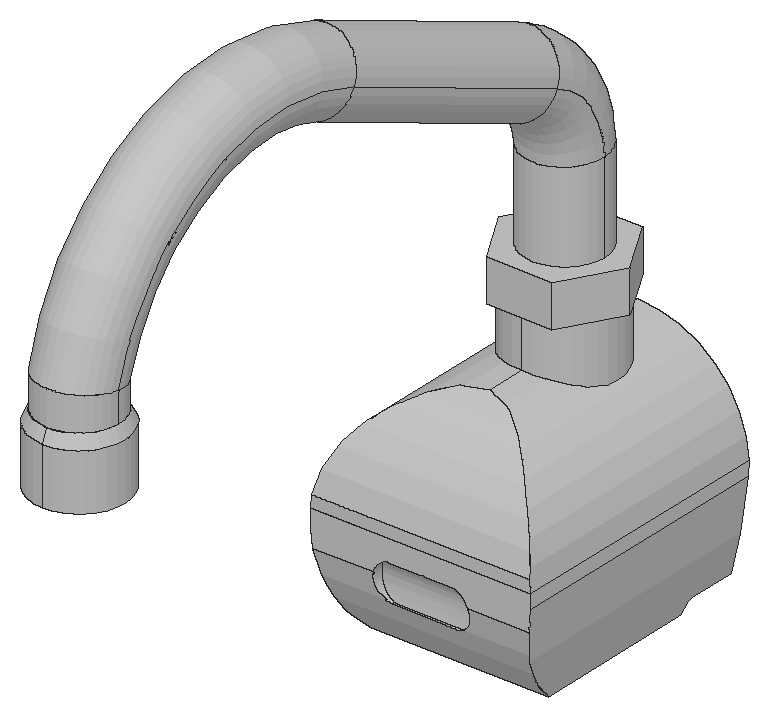
Revit family "16-192", category Specialty Equipment, Revit 2018
Family settings
  Round Connector Dimension = Use Diameter
  Part Type = Normal
  OmniClass Number = 23.45.05.14
  OmniClass Title = Plumbing Fixtures - Sanitary Washing Units
  Work Plane-Based = No
  Always vertical = Yes
  Cut with Voids When Loaded = No
  Shared = No
  Room Calculation Point = No
Parameters
  URL Cutsheet = ""
  Serial Number = ""
  Plumbing Remarks = ""
  Plumbing Connection Type = ""
  Model = "16-192"
  Masterspec = ""
  Manufacturer = "Krowne Metal"
  Item Number = ""
  Inlet Size = 1/2"
  Hot Water Size = 1/2"
  Hot Water RI Height = 0"
  Hot Water Flow = 2.2 GPM
  Hot Water Connection Height = 0"
  Foodservice Equipment Identifier = yes
  Description = "Single Hole Wall Mount with 6\" Swing Spout"
  Cold Water Size = 1/2"
  Cold Water RI Height = 0"
  Cold Water Flow = 2.2 GPM
  Cold Water Connection Height = 0"
  Assembly Code = "D2010400"
Reference planes (in)
  plane 1 "Center (Front/Back)": y = 0
  plane 2: z = 0
  plane 3 "Center (Left/Right)": x = 0
  plane 4: y = 8.24616
  plane 5: y = -2.7381
  plane 6: y = -0.05109
  plane 7: y = -0.9579
  plane 8: y = -6.9579
  plane 9: z = 1.63576
  plane 10: z = 6.63576
  plane 11: z = 3.63576
Forms (in)
  Extrusion 1, solid, material "Metal_Finishes_Stainless Steel"
    sketch origin (0, 0, 0) x (0, 1, 0) y (0, 0, 1)
      loop
        line (-2.7381, 0) -> (-0.05109, 0) -> (-0.05109, 1.20089) -> (-2.7381, 1.20089) -> (-2.7381, 0)
    from -1.08719 to 1.09162
  Extrusion 2, solid, material "Metal_Finishes_Stainless Steel"
    sketch origin (0, 0, 1.28946) x (0, 1, 0) y (0, 0, 1)
      loop
        line (-2.7381, -0.08857) -> (-0.05109, -0.08857) -> (-0.05109, 0.96897) -> (-2.7381, 0.96897) -> (-2.7381, -0.08857)
    from -1.08719 to 1.09162
  Extrusion 3, void
    sketch origin (0, 0, 0) x (1, 0, 0) y (0, 0, 1)
      loop
        line (-1.10165, 1.18572) -> (-1.10165, 0) -> (-0.87117, 0)
        arc (-0.87117, 0) -> (-1.02443, 0.58547) -> (-1.10165, 1.18572) r 4.72766
      loop
        arc (1.10165, 1.18572) -> (1.02443, 0.58547) -> (0.87117, 0) r 4.72766
        line (0.87117, 0) -> (1.10165, 0) -> (1.10165, 1.18572)
    from 0 to 2.93413
  Extrusion 4, void
    sketch origin (0, 0, 0) x (1, 0, 0) y (0, 0, 1)
      loop
        arc (-1.08719, 1.20089) -> (-0.76642, 1.95658) -> (0, 2.25078) r 1.05053
        arc (0, 2.25078) -> (0.75835, 1.94682) -> (1.09162, 1.20089) r 1.08851
        line (1.09162, 1.20089) -> (1.09162, 2.28304) -> (-1.08719, 2.28304) -> (-1.08719, 1.20089)
    from 0 to 2.7381
  Extrusion 5, void
    sketch origin (0, 0, 0) x (0, 1, 0) y (0, 0, 1)
      loop
        line (-1.57438, 2.29955) -> (-2.94885, 2.29955) -> (-2.94885, -0.06265) -> (-2.16145, -0.06265)
        arc (-2.16145, -0.06265) -> (-2.54652, 0.33055) -> (-2.7381, 0.84649) r 1.32183
        line (-2.7381, 0.84649) -> (-2.7381, 1.32021)
        arc (-2.7381, 1.32021) -> (-2.32524, 2.0107) -> (-1.57438, 2.29955) r 1.23295
    from -1.68293 to 9.84252
  Extrusion 6, void
    sketch origin (0, 0, 0) x (0, 1, 0) y (0, 0, 1)
      loop
        line (-0.02303, 0.14066) -> (-0.5138, 0.14066)
        arc (-0.5138, 0.14066) -> (-0.58334, 0.08583) -> (-0.60515, 0) r 0.13779
        line (-0.60515, 0) -> (-0.60515, -0.04154) -> (-0.02303, -0.04154) -> (-0.02303, 0.14066)
    from -1.33387 to 1.36534
  Extrusion 7, solid, material "Metal_Finishes_Stainless Steel"
    sketch origin (0, 0, 0) x (1, 0, 0) y (0, 0, 1)
      loop
        arc (0.3937, 0.20434) -> (0.63851, 0.70363) -> (0.72269, 1.2533) r 1.83678
        arc (0.72269, 1.2533) -> (0.51102, 1.76432) -> (0, 1.97599) r 0.72269
        arc (0, 1.97599) -> (-0.51102, 1.76432) -> (-0.72269, 1.2533) r 0.72269
        arc (-0.72269, 1.2533) -> (-0.63851, 0.70363) -> (-0.3937, 0.20434) r 1.83678
        line (-0.3937, 0.20434) -> (0, 0.20434) -> (0.3937, 0.20434)
    from 0 to 0.05109
  Extrusion 8, void
    sketch origin (0, 0, -0.05536) x (1, 0, 0) y (0, 0, 1)
      loop
        arc (-0.35196, 1.03276) -> (-0.47757, 0.82796) -> (-0.3373, 0.63291) r 0.21695
        line (-0.3373, 0.63291) -> (0.3373, 0.63291)
        arc (0.3373, 0.63291) -> (0.47757, 0.82796) -> (0.35196, 1.03276) r 0.21695
        line (0.35196, 1.03276) -> (-0.35196, 1.03276)
    from 2.58964 to 3.02403
  Extrusion 9, solid, material "Metal_Finishes_Stainless Steel"
    sketch origin (0, 0, 0) x (0, 1, 0) y (0, 0, 1)
      loop
        line (-2.58964, 0.97739) -> (-2.7361, 0.97739)
        spline (-2.7361, 0.97739) -> (-2.70472, 0.95045) -> (-2.68115, 0.92674) -> (-2.66383, 0.90498) -> (-2.6512, 0.88386) -> (-2.64169, 0.86208) -> (-2.63386, 0.83835) -> (-2.62756, 0.81129) -> (-2.62334, 0.77953) -> (-2.62176, 0.74166) -> (-2.62338, 0.6963) -> (-2.62875, 0.64206) -> (-2.63844, 0.57754)
        line (-2.63844, 0.57754) -> (-2.58964, 0.57754) -> (-2.58964, 0.97739)
    from -0.49407 to 0.51811
  Revolve 10, solid, material "Metal_Finishes_Stainless Steel"
    sketch origin (0, 0, 0) x (0, 1, 0) y (0, 0, 1)
      loop
        line (-0.9579, 2.73877) -> (-0.9579, 2.39022) -> (-0.9579, 1.95653) -> (-0.42735, 1.95653) -> (-0.42735, 2.73877) -> (-0.9579, 2.73877)
      axis (-0.9579, 2.73877) -> (-0.9579, 1.95653)
    angle from 0 to 360
  Extrusion 11, solid, material "Metal_Finishes_Stainless Steel"
    sketch origin (0, 0, 0) x (1, 0, 0) y (0, 1, 0)
      loop
        line (-0.32373, -0.39719) -> (-0.64745, -0.9579) -> (-0.32373, -1.51862) -> (0.32373, -1.51862) -> (0.64745, -0.9579) -> (0.32373, -0.39719) -> (-0.32373, -0.39719)
    from 2.73877 to 3.15333
  Revolve 12, solid, material "Metal_Finishes_Stainless Steel"
    sketch origin (0, 3.34574, -1.48358) x (0, 0.984808, 0.173648) y (0, -0.173648, 0.984808)
      loop
        line (-9.13979, 7.50197) -> (-9.25814, 6.83078) -> (-8.80835, 6.75147) -> (-8.71135, 7.30159) -> (-8.74926, 7.43311) -> (-9.13979, 7.50197)
      axis (-9.13979, 7.50197) -> (-9.25814, 6.83078)
    angle from 0 to 360
  Sweep 13, solid, material "Metal_Finishes_Stainless Steel"
    path origin (0, 0, 0) x (0, 1, 0) y (0, 0, 1)
      loop
        line (-0.9579, 3.15333) -> (-0.9579, 4.04448)
        arc (-0.9579, 4.04448) -> (-1.12539, 4.55995) -> (-1.54058, 4.90834) r 0.98317
        line (-1.54058, 4.90834) -> (-4.05283, 6.02687)
        arc (-4.05283, 6.02687) -> (-5.83403, 5.99696) -> (-6.9579, 4.61477) r 2.11066
        line (-6.9579, 4.61477) -> (-6.9579, 4.31731)
    profile origin (0, -0.9579, 3.59891) x (0, -1, 0) y (1, 0, 0)
      loop
        circle (0, 0) r 0.3937
Cuts and joins
  Extrusion 3, Extrusion 5, Extrusion 6, Extrusion 8 cuts Extrusion 1
  joined: Extrusion 1, Extrusion 9
  Extrusion 4, Extrusion 5 cuts Extrusion 2
  joined: Extrusion 2, Revolve 10
  Extrusion 8 cuts Extrusion 7
Dimensions and locks (in)
  plane 5 to plane 6 = 2.68701"
  plane 4 to plane 5 = 10.98425"
  aligned and locked: level to plane 2
Connectors (in)
  piping at (0, 0, 0.84927), diameter 0.5, driven by "Inlet Size"
    settings: on cut or joined group of Extrusion 7, Extrusion 8, index 1, connector inside diameter 24", connector length 0", flow factor 0, pipe flow 0 GPM, pressure drop 0.00 psi, fitting loss kfactor 0, connector angle 0.00°, fixture units 0, engagement length 0", angle of deflection 0.00°, flow configuration 0, flow direction 1, fitting loss method 0, system type 20, joint type 0, gender type 0, connector reference index -1, connector utility 0, adjustable connector no, is connector primary yes, connector description ""
